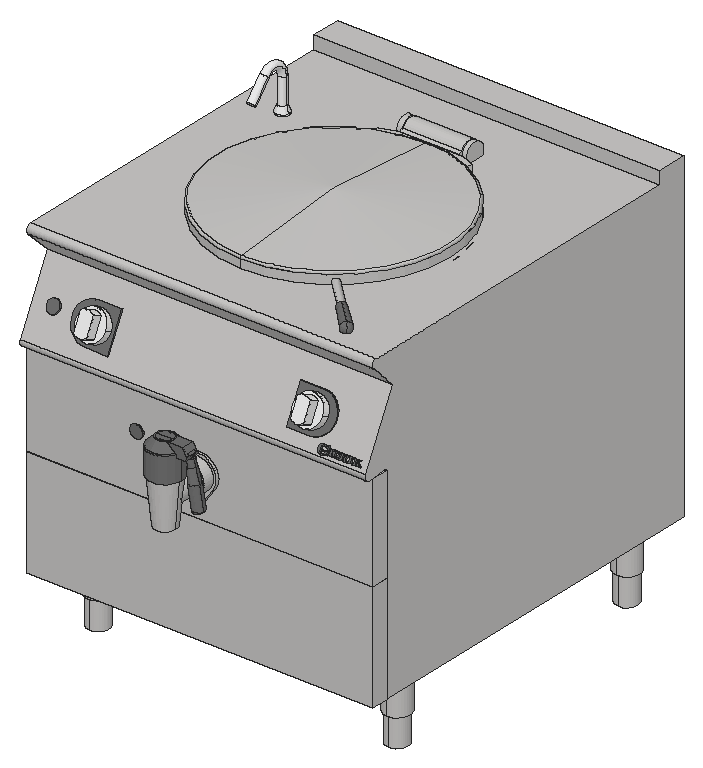
Revit family "QF_GIORIK_PGD915", category Specialty Equipment, Revit 2014
Parameters (values of type "PGD915")
  Weight in Pounds = 330.693
  Waste Water Discharge Temperature [instance] = 0 °C
  URL Cutsheet = "www.giorik.com"
  URL = "www.giorik.com"
  Status [instance] = ""
  Specification by User [instance] = ""
  Specification by Manufacturer = ""
  Show Logo [instance] = yes
  Show Clearance [instance] = yes
  Serial Number = ""
  Seismic Rating = ""
  SMACNA No = ""
  Revision Code [instance] = ""
  Plumbing Remarks [instance] = ""
  Plumbing Connection Type [instance] = ""
  NAFEM Spec ID Number = ""
  Model = "PGD915"
  Masterspec = ""
  Manufacturer = "GIORIK"
  Item Number [instance] = ""
  Installed By [instance] = ""
  Indirect Waste Size = 1"
  Indirect Waste Flow = 0.0 L/s
  Indirect Waste Connection Type [instance] = ""
  Indirect Waste Connection Height [instance] = 150 mm
  Identify Quantity as Lot [instance] = no
  Hot Water Temperature = 0 °C
  Hot Water Size = 1/2"
  Hot Water RI Height [instance] = 0 mm
  Hot Water Minimum Pressure = 20000.0 Pa
  Hot Water Maximum Pressure = 50000.0 Pa
  Hot Water Flow = 0.0 L/s
  Hot Water Consumption = 0.0 L/s
  Hot Water Connection Height = 150 mm
  Gas Size = 1"
  Gas RI Height [instance] = 0 mm
  Gas KW = 24
  Gas Input = 24000 W
  Gas Connection Height [instance] = 150 mm
  Furnished By [instance] = ""
  Foodservice Equipment Identifier [instance] = yes
  Description = "150 LITRE GAS BOILING PAN - DIRECT HEATING VERSION"
  Cold Water Temperature Recommended = 0 °C
  Cold Water Size = 1/2"
  Cold Water RI Height [instance] = 150 mm
  Cold Water Minimum Pressure = 20000.0 Pa
  Cold Water Maximum Pressure = 50000.0 Pa
  Cold Water Flow [instance] = 0.0 L/s
  Cold Water Consumption [instance] = ""
  Cold Water Connection Height [instance] = 150 mm
  CSI MasterFormat = ""
  Assembly Code = "E1090320"
Reference planes
  plane 1 "Back": y = 0
  plane 2: z = 0
  plane 3 "Left": x = 0
  plane 4 "Right": x = 800
  plane 5 "Front": y = -920
  plane 6 "Top": z = 900
Forms (mm)
  Extrusion 1, solid
    sketch origin (816, 1025.81, 0) x (-1, 0, 0) y (0, -1, 0)
      loop
        line (25, 1086.81) -> (115, 1086.81) -> (115, 1156.81) -> (25, 1156.81) -> (25, 1086.81)
    from 148 to 150
  Extrusion 2, solid
    sketch origin (816, 360.81, 0) x (-1, 0, 0) y (0, -1, 0)
      loop
        line (25, 1086.81) -> (115, 1086.81) -> (115, 1156.81) -> (25, 1156.81) -> (25, 1086.81)
    from 148 to 150
  Revolve 3, solid
    sketch origin (746, 360.81, 0) x (0, 1, 0) y (0, 0, 1)
      loop
        line (-1092.56, 66) -> (-1092.56, 148) -> (-1121.81, 148) -> (-1121.81, 0) -> (-1096.81, 0) -> (-1096.81, 66) -> (-1092.56, 66)
      axis (-1121.81, 0) -> (-1121.81, 148)
    angle from 0 to 360
  Revolve 4, solid
    sketch origin (746, 1025.81, 0) x (0, 1, 0) y (0, 0, 1)
      loop
        line (-1092.56, 66) -> (-1092.56, 148) -> (-1121.81, 148) -> (-1121.81, 0) -> (-1096.81, 0) -> (-1096.81, 66) -> (-1092.56, 66)
      axis (-1121.81, 0) -> (-1121.81, 148)
    angle from 0 to 360
  Extrusion 5, solid
    sketch origin (124, 1025.81, 0) x (-1, 0, 0) y (0, -1, 0)
      loop
        line (25, 1086.81) -> (115, 1086.81) -> (115, 1156.81) -> (25, 1156.81) -> (25, 1086.81)
    from 148 to 150
  Extrusion 6, solid
    sketch origin (124, 360.81, 0) x (-1, 0, 0) y (0, -1, 0)
      loop
        line (25, 1086.81) -> (115, 1086.81) -> (115, 1156.81) -> (25, 1156.81) -> (25, 1086.81)
    from 148 to 150
  Revolve 7, solid
    sketch origin (54, 360.81, 0) x (0, 1, 0) y (0, 0, 1)
      loop
        line (-1092.56, 66) -> (-1092.56, 148) -> (-1121.81, 148) -> (-1121.81, 0) -> (-1096.81, 0) -> (-1096.81, 66) -> (-1092.56, 66)
      axis (-1121.81, 0) -> (-1121.81, 148)
    angle from 0 to 360
  Revolve 8, solid
    sketch origin (54, 1025.81, 0) x (0, 1, 0) y (0, 0, 1)
      loop
        line (-1092.56, 66) -> (-1092.56, 148) -> (-1121.81, 148) -> (-1121.81, 0) -> (-1096.81, 0) -> (-1096.81, 66) -> (-1092.56, 66)
      axis (-1121.81, 0) -> (-1121.81, 148)
    angle from 0 to 360
  Revolve 9, solid
    sketch origin (400, -1035.878, 6.906) x (0, 1, 0) y (0, 0, 1)
      loop
        line (263, 839.987) -> (523.5, 839.987) -> (523.5, 911.488)
        arc (523.5, 911.488) -> (389.852, 905.568) -> (257.251, 887.853) r 1511.497
        arc (257.251, 887.853) -> (254.241, 886.302) -> (253.5, 882.997) r 4
        line (253.5, 882.997) -> (253.5, 853.492)
        arc (253.5, 853.492) -> (254.572, 849.465) -> (258.468, 847.987) r 4.564
        line (258.468, 847.987) -> (263, 847.987) -> (263, 839.987)
      axis (523.5, 911.488) -> (523.5, 839.987)
    angle from 0 to 360
  Extrusion 10, solid
    sketch origin (331, -1525.878, -3.094) x (0, 1, 0) y (0, 0, 1)
      loop
        line (1291, 862) -> (1321, 862)
        arc (1321, 862) -> (1341.196, 898.967) -> (1299.177, 895.988) r 24
        arc (1299.177, 895.988) -> (1295.549, 893.05) -> (1291, 892) r 10.377
        line (1291, 892) -> (1291, 862)
    from 0 to 138
  Extrusion 11, solid
    sketch origin (319, -1525.878, -3.094) x (0, 1, 0) y (0, 0, 1)
      loop
        line (1297, 850) -> (1345, 850) -> (1345, 886)
        arc (1345, 886) -> (1321, 910) -> (1297, 886) r 24
        line (1297, 886) -> (1297, 850)
    from 0 to 12
  Extrusion 12, solid
    sketch origin (0, -1525.878, 846.906) x (0, 1, 0) y (-1, 0, 0)
      loop
        line (1345, -319) -> (1330.367, -295.233)
        arc (1330.367, -295.233) -> (1321, -290) -> (1311.633, -295.233) r 11
        line (1311.633, -295.233) -> (1297, -319) -> (1345, -319)
      loop
        circle (1321, -301) r 5.5
    from 0 to 9
  Extrusion 13, solid
    sketch origin (800, -1525.878, 846.906) x (0, 1, 0) y (-1, 0, 0)
      loop
        line (1345, 319) -> (1297, 319) -> (1311.633, 295.233)
        arc (1311.633, 295.233) -> (1321, 290) -> (1330.367, 295.233) r 11
        line (1330.367, 295.233) -> (1345, 319)
      loop
        circle (1321, 301) r 5.5
    from 0 to 9
  Extrusion 14, solid
    sketch origin (469, -1525.878, -3.094) x (0, 1, 0) y (0, 0, 1)
      loop
        line (1297, 850) -> (1345, 850) -> (1345, 886)
        arc (1345, 886) -> (1321, 910) -> (1297, 886) r 24
        line (1297, 886) -> (1297, 850)
    from 0 to 12
  Extrusion 15, solid
    sketch origin (-20, -900, -21.499) x (1, 0, 0) y (0, 0, 1)
      loop
        arc (455.029, 495.06) -> (420, 563) -> (384.971, 495.06) r 43
        line (384.971, 495.06) -> (408.595, 461.88)
        arc (408.595, 461.88) -> (420, 456) -> (431.405, 461.88) r 14
        line (431.405, 461.88) -> (455.029, 495.06)
      loop
        circle (420, 470) r 5
    from 0 to 6
  Revolve 16, solid
    sketch origin (-20, -1000, -21.499) x (1, 0, 0) y (0, 0, 1)
      loop
        line (420, 560) -> (420, 490) -> (440, 490) -> (440, 454) -> (445, 454) -> (454.5, 560) -> (420, 560)
      axis (420, 454) -> (420, 560)
    angle from 0 to 360
  Revolve 17, solid
    sketch origin (-20, -1000, -21.499) x (1, 0, 0) y (0, 0, 1)
      loop
        line (420, 560) -> (459.015, 560) -> (459.015, 618.943)
        arc (459.015, 618.943) -> (458.824, 619.904) -> (458.279, 620.718) r 2.507
        line (458.279, 620.718) -> (440.712, 638.268)
        arc (440.712, 638.268) -> (439.901, 638.81) -> (438.944, 639) r 2.5
        line (438.944, 639) -> (420, 639) -> (420, 560)
      axis (420, 560) -> (420, 639)
    angle from 0 to 360
  Revolve 18, solid
    sketch origin (400, -100, -21.499) x (0, 1, 0) y (0, 0, 1)
      loop
        line (-900, 520) -> (-806, 520) -> (-806, 556) -> (-833.409, 556)
        arc (-833.409, 556) -> (-835.601, 555.494) -> (-837.349, 554.078) r 5
        line (-837.349, 554.078) -> (-839.034, 551.922)
        arc (-839.034, 551.922) -> (-840.782, 550.506) -> (-842.974, 550) r 5
        line (-842.974, 550) -> (-900, 550) -> (-900, 520)
      axis (-806, 520) -> (-900, 520)
    angle from 0 to 360
  Extrusion 19, solid
    sketch origin (0, -35.878, 858.906) x (0, 1, 0) y (-1, 0, 0)
      loop
        line (-213.194, -290.935) -> (-227.053, -296.675)
        arc (-227.053, -296.675) -> (-206.785, -400) -> (-227.053, -503.325) r 273.514
        line (-227.053, -503.325) -> (-213.194, -509.065)
        arc (-213.194, -509.065) -> (-204.722, -487.451) -> (-199, -464.952) r 186.513
        line (-199, -464.952) -> (-199, -335.048)
        arc (-199, -335.048) -> (-204.722, -312.549) -> (-213.194, -290.935) r 186.513
    from 0 to 30
  Extrusion 20, solid
    sketch origin (0, 1000, -19.915) x (0, 1, 0) y (0, 0, 1)
      loop
        line (-1000, 919.915) -> (-1070, 919.915) -> (-1070, 889.915) -> (-1888.806, 889.915)
        arc (-1888.806, 889.915) -> (-1898.967, 883.461) -> (-1897.445, 871.521) r 11.226
        line (-1897.445, 871.521) -> (-1840.876, 814.952) -> (-1918.948, 661.185)
        arc (-1918.948, 661.185) -> (-1918.233, 650.033) -> (-1908.118, 645.281) r 10.981
        line (-1908.118, 645.281) -> (-1860, 649.852) -> (-1860, 170) -> (-1000, 170) -> (-1000, 919.915)
    from 0 to 800
  Extrusion 21, solid
    sketch origin (820, -985, -21.499) x (-1, 0, 0) y (0, 0, -1)
      loop
        line (368, -639) -> (420, -639) -> (420, -614) -> (364, -614)
        arc (364, -614) -> (359.031, -616.301) -> (358, -621.679) r 6
        line (358, -621.679) -> (368, -639)
    from 0 to 30
  Revolve 22, solid
    sketch origin (820, -1000, -21.499) x (-1, 0, 0) y (0, 0, -1)
      loop
        line (365.701, -595.491) -> (367.06, -595.251) -> (364.458, -563.216) -> (355.081, -510.037)
        arc (355.081, -510.037) -> (353.847, -508.1) -> (351.605, -507.603) r 3
        line (351.605, -507.603) -> (342.25, -509.253) -> (357.704, -596.901) -> (361.964, -621.057) -> (364.84, -620.55) -> (363.426, -612.529) -> (368.546, -611.626) -> (365.701, -595.491)
      axis (361.964, -621.057) -> (342.25, -509.253)
    angle from 0 to 360
  Extrusion 23, solid
    sketch origin (820, -990, -21.499) x (-1, 0, 0) y (0, 0, -1)
      loop
        arc (360.934, -626.761) -> (371.174, -617.461) -> (358, -621.679) r 7.078
        line (358, -621.679) -> (360.934, -626.761)
    from 0 to 20
  Extrusion 24, solid
    sketch origin (0, -887.576, 0) x (1, 0, 0) y (0, 0, 1)
      loop
        circle (254.679, 532.341) r 15
    from 12.424 to 14.424
  Extrusion 25, solid
    sketch origin (-6.328, -1211.709, 64.667) x (1, 0, 0) y (0, 0.452718, 0.891654)
      loop
        circle (55.091, 725.192) r 15
    from 0 to 2
  Extrusion 26, solid
    sketch origin (-202.569, -1214.126, 65.796) x (1, 0, 0) y (0, 0.45351, 0.891251)
      loop
        circle (351.331, 721.346) r 35
    from 0 to 15
  Extrusion 27, solid
    sketch origin (-202.569, -1214.126, 65.796) x (1, 0, 0) y (0, 0.45351, 0.891251)
      loop
        line (336.331, 743.846) -> (336.331, 698.846)
        arc (336.331, 698.846) -> (351.331, 693.846) -> (366.331, 698.846) r 25
        line (366.331, 698.846) -> (366.331, 743.846)
        arc (366.331, 743.846) -> (351.331, 748.846) -> (336.331, 743.846) r 25
    from 15 to 40
  Extrusion 28, solid
    sketch origin (-270.935, -1168.775, 43.201) x (1, 0, 0) y (0, 0.452718, 0.891654)
      loop
        line (463.221, 676.25) -> (463.221, 766.25) -> (409.698, 766.25)
        arc (409.698, 766.25) -> (364.698, 721.25) -> (409.698, 676.25) r 45
        line (409.698, 676.25) -> (463.221, 676.25)
    from 48 to 50
  Extrusion 29, solid
    sketch origin (1002.569, -1214.126, 65.796) x (-1, 0, 0) y (0, -0.45351, -0.891251)
      loop
        circle (351.331, -721.346) r 35
    from 0 to 15
  Extrusion 30, solid
    sketch origin (1002.569, -1214.126, 65.796) x (-1, 0, 0) y (0, -0.45351, -0.891251)
      loop
        arc (336.331, -743.846) -> (351.331, -748.846) -> (366.331, -743.846) r 25
        line (366.331, -743.846) -> (366.331, -698.846)
        arc (366.331, -698.846) -> (351.331, -693.846) -> (336.331, -698.846) r 25
        line (336.331, -698.846) -> (336.331, -743.846)
    from 15 to 40
  Extrusion 31, solid
    sketch origin (1070.935, -1168.775, 43.201) x (-1, 0, 0) y (0, -0.452718, -0.891654)
      loop
        line (463.221, -676.25) -> (409.698, -676.25)
        arc (409.698, -676.25) -> (364.698, -721.25) -> (409.698, -766.25) r 45
        line (409.698, -766.25) -> (463.221, -766.25) -> (463.221, -676.25)
    from 48 to 50
  Extrusion 32, solid, visible <- "Show Logo"
    sketch origin (591.604, -936.761, 608.548) x (-1, 0, 0) y (0, 0.452718, 0.891654)
      loop
        line (-118.824, 58.358) -> (-127.804, 58.358) -> (-125.523, 56.445) -> (-125.523, 48.027) -> (-127.804, 46.113) -> (-118.824, 46.113) -> (-121.105, 48.027) -> (-121.105, 56.445) -> (-118.824, 58.358)
      loop
        line (-163.721, 58.358) -> (-172.7, 58.358) -> (-170.42, 56.445) -> (-170.42, 48.027) -> (-172.7, 46.113) -> (-163.721, 46.113) -> (-166.001, 48.027) -> (-166.001, 56.445) -> (-163.721, 58.358)
      loop
        line (-174.332, 58.358) -> (-183.312, 58.358) -> (-181.031, 56.445) -> (-181.031, 52.435) -> (-186.419, 56.955) -> (-184.416, 58.358) -> (-191.268, 58.358) -> (-188.01, 56.839) -> (-185.455, 54.283) -> (-190.846, 47.858) -> (-193.396, 46.93) -> (-193.396, 46.113) -> (-184.416, 46.113) -> (-185.437, 47.571) -> (-182.443, 51.552) -> (-181.031, 50.894) -> (-181.031, 48.027) -> (-183.312, 46.113) -> (-174.332, 46.113) -> (-176.613, 48.027) -> (-176.613, 56.445) -> (-174.332, 58.358)
      loop
        line (-115.429, 62.063) -> (-115.429, 54.198)
        arc (-115.429, 54.198) -> (-111.618, 57.803) -> (-106.847, 59.986) r 16.039
        arc (-106.847, 59.986) -> (-103.314, 59.837) -> (-100.512, 57.68) r 5.851
        arc (-100.512, 57.68) -> (-98.815, 52.267) -> (-100.512, 46.853) r 9.479
        arc (-100.512, 46.853) -> (-102.406, 44.986) -> (-104.846, 43.93) r 7.236
        arc (-104.846, 43.93) -> (-107.728, 44.111) -> (-110.052, 45.825) r 5.11
        line (-110.052, 45.825) -> (-110.052, 52.001) -> (-116.141, 52.001) -> (-116.141, 45.503) -> (-117.893, 43.751) -> (-114.094, 44.769)
        arc (-114.094, 44.769) -> (-112.56, 44.947) -> (-111.129, 44.366) r 3.115
        arc (-111.129, 44.366) -> (-104.216, 42.091) -> (-97.303, 44.366) r 11.641
        arc (-97.303, 44.366) -> (-93.396, 52.107) -> (-97.303, 59.849) r 9.622
        arc (-97.303, 59.849) -> (-104.369, 62.174) -> (-111.435, 59.849) r 11.898
        line (-111.435, 59.849) -> (-115.429, 62.063)
      loop
        arc (-129.234, 56.068) -> (-135.893, 58.628) -> (-142.552, 56.068) r 9.941
        arc (-142.552, 56.068) -> (-144.234, 52.286) -> (-142.552, 48.505) r 5.093
        arc (-142.552, 48.505) -> (-135.893, 45.945) -> (-129.234, 48.505) r 9.941
        arc (-129.234, 48.505) -> (-127.552, 52.286) -> (-129.234, 56.068) r 5.093
      loop
        arc (-132.628, 54.403) -> (-135.893, 57.668) -> (-139.158, 54.403) r 3.265
        line (-139.158, 54.403) -> (-139.158, 50.169)
        arc (-139.158, 50.169) -> (-135.893, 46.904) -> (-132.628, 50.169) r 3.265
        line (-132.628, 50.169) -> (-132.628, 54.403)
      loop
        arc (-156.363, 58.365) -> (-159.647, 55.081) -> (-156.363, 51.796) r 3.285
        line (-156.363, 51.796) -> (-159.529, 47.306) -> (-162.087, 46.113) -> (-155.847, 46.113) -> (-153.529, 51.083) -> (-150.637, 51.083) -> (-150.637, 47.784) -> (-153.022, 46.113) -> (-144.011, 46.113) -> (-146.094, 47.68) -> (-146.094, 56.493) -> (-144.229, 58.365) -> (-156.363, 58.365)
      loop
        line (-150.637, 57.512) -> (-153.637, 57.512)
        arc (-153.637, 57.512) -> (-156.237, 54.912) -> (-153.637, 52.312) r 2.6
        line (-153.637, 52.312) -> (-150.637, 52.312) -> (-150.637, 57.512)
      loop
        line (-108.924, 52.001) -> (-104.936, 49.005) -> (-100.948, 52.001) -> (-108.924, 52.001)
    from 1.5 to -0.5
  Revolve 33, solid
    sketch origin (735, -285.878, -38.107) x (-1, 0, 0) y (0, 0, -1)
      loop
        line (635, -895) -> (635, -925) -> (645, -925) -> (650, -910) -> (650, -895) -> (635, -895)
      axis (635, -925) -> (635, -895)
    angle from 0 to 360
  Sweep 34, solid
    path origin (100, -48.878, -38.107) x (0, 1, 0) y (0, 0, -1)
      loop
        line (-237, -925) -> (-237, -986.382)
        arc (-237, -986.382) -> (-256.494, -1014.482) -> (-289.641, -1006.064) r 30
        line (-289.641, -1006.064) -> (-326.852, -963.258)
    profile origin (100, -285.878, 917.584) x (0, 1, 0) y (-1, 0, 0)
      loop
        circle (0, 0) r 9
  Extrusion 35, solid
    sketch origin (1534.526, 259.652, 861.893) x (0.975272, 0.221007, 0) y (-0.221007, 0.975272, 0)
      loop
        line (-1502.427, -209.668) -> (-1515.641, -197.445) -> (-1532.833, -202.777) -> (-1536.811, -220.332) -> (-1523.598, -232.555) -> (-1506.406, -227.223) -> (-1502.427, -209.668)
    from -15 to -5
  Extrusion 36, solid
    sketch origin (0, -200, 0) x (0, 1, 0) y (0, 0, 1)
      loop
        line (-660, 624.427) -> (-700, 624.427) -> (-700, 401.427) -> (-660, 401.427) -> (-660, 624.427)
    from 0 to 800
  Extrusion 37, solid
    sketch origin (0, -200, -240) x (0, 1, 0) y (0, 0, 1)
      loop
        line (-660, 640) -> (-700, 640) -> (-700, 390) -> (-660, 390) -> (-660, 640)
    from 0 to 800
  Extrusion 38, solid
    sketch origin (130, -300, 100.085) x (0, 1, 0) y (-1, 0, 0)
      loop
        circle (0, 0) r 6.5
    from 30 to 50
  Extrusion 39, solid
    sketch origin (50, -320, 100.085) x (0, 1, 0) y (-1, 0, 0)
      loop
        circle (-160, 0) r 12.5
    from 30 to 50
  Extrusion 40, solid
    sketch origin (104, -257, 100.085) x (0, 1, 0) y (-1, 0, 0)
      loop
        circle (-70, 0) r 6.5
    from 30 to 50
  Extrusion 41, solid, visible <- "Show Clearance", detail levels coarse
    sketch origin (130, -100, 47.853) x (0, 1, 0) y (0, 0, 1)
      loop
        arc (-80.878, 1446.904) -> (-506.111, 1271.7) -> (-682.378, 846.906) r 600
        line (-682.378, 846.906) -> (-80.878, 846.906) -> (-80.878, 1446.904)
    from 0 to 540
  Extrusion 42, solid
    sketch origin (170, -585, 900) x (0, 1, 0) y (-1, 0, 0)
      loop
        circle (0, 0) r 12.5
    from -750 to -769.915
  Revolve 43, solid
    sketch origin (160.983, -309.817, -75.5) x (-0.707107, 0.707107, 0) y (0, 0, -1)
      loop
        line (-671.931, -950.485) -> (-763.471, -950.485)
        arc (-763.471, -950.485) -> (-759.812, -959.317) -> (-750.98, -962.976) r 12.491
        line (-750.98, -962.976) -> (-671.931, -960.125) -> (-671.931, -950.485)
      axis (-671.931, -950.485) -> (-763.471, -950.485)
    angle from 0 to 360
  Extrusion 44, solid
    sketch origin (1359.702, -377.165, -75.5) x (-0.707107, -0.707107, 0) y (0, 0, -1)
      loop
        circle (800, -950.485) r 7.5
    from -223.314 to -315.051
Lines and regions (mm)
  symbolic lines, style "200-EquipBorder-2D"
    curve 1: line (0, -920, 0) -> (800, -920, 0)
    curve 2: line (800, -920, 0) -> (800, 0, 0)
    curve 3: line (800, 0, 0) -> (0, 0, 0)
    curve 4: line (0, 0, 0) -> (0, -920, 0)
    curve 40: arc (436.017, -985, 900) -> (360.985, -1000, 900) -> (436.017, -1015, 900) r 39.015
    curve 41: line (400, -1015, 900) -> (462.241, -1015, 900)
    curve 42: line (400, -985, 900) -> (400, -1015, 900)
    curve 43: line (462.241, -985, 900) -> (400, -985, 900)
    curve 44: line (462.241, -985, 900) -> (462.241, -1015, 900)
    curve 45: line (430.006, -975.063, 900) -> (430.006, -943.838, 900)
    curve 46: line (435.935, -933.569, 900) -> (435.935, -920, 900)
    curve 47: line (369.994, -975.063, 900) -> (369.994, -943.838, 900)
    curve 48: line (364.008, -933.469, 900) -> (364.008, -920, 900)
    curve 49: arc (369.994, -943.838, 900) -> (369.061, -940.356, 900) -> (366.512, -937.806, 900) r 6.965
    curve 50: arc (366.512, -937.806, 900) -> (364.679, -935.973, 900) -> (364.008, -933.469, 900) r 5.008
    curve 51: arc (430.006, -943.838, 900) -> (430.791, -940.279, 900) -> (433.481, -937.819, 900) r 6.041
    curve 52: arc (433.481, -937.819, 900) -> (435.38, -936.082, 900) -> (435.935, -933.569, 900) r 4.265
    curve 53: line (477.501, -987.499, 900) -> (467.858, -987.499, 900)
    curve 54: line (467.858, -1012.499, 900) -> (477.501, -1012.499, 900)
    curve 55: arc (477.501, -1012.499, 900) -> (490.001, -999.999, 900) -> (477.501, -987.499, 900) r 12.5
    curve 56: arc (467.858, -987.499, 900) -> (464.972, -987.837, 900) -> (462.241, -988.832, 900) r 12.5
    curve 57: arc (462.241, -1011.166, 900) -> (464.972, -1012.162, 900) -> (467.858, -1012.499, 900) r 12.5
    curve 73: line (163.763, -932.843, 900) -> (163.763, -920, 900)
    curve 74: arc (163.763, -932.843, 900) -> (148.758, -935.182, 900) -> (133.763, -932.783, 900) r 48.682
    curve 75: arc (636.237, -932.843, 900) -> (651.241, -935.173, 900) -> (666.237, -932.801, 900) r 49.042
    curve 76: line (636.237, -932.843, 900) -> (636.237, -920, 900)
    curve 77: line (133.763, -932.783, 900) -> (133.763, -920, 900)
    curve 78: line (666.237, -932.801, 900) -> (666.237, -920, 900)
  symbolic lines, style "200-EquipInternal-2D"
    curve 5: line (171.031, -35, 900) -> (629, -35, 900)
    curve 6: line (629, -32, 900) -> (171.031, -32, 900)
    curve 7: line (168, -25, 900) -> (632, -25, 900)
    curve 8: line (632, -22, 900) -> (168, -22, 900)
    curve 9: line (165, -15, 900) -> (635, -15, 900)
    curve 10: line (635, -12, 900) -> (165, -12, 900)
    curve 11: line (168, -22, 900) -> (168, -25, 900)
    curve 12: line (171.031, -32, 900) -> (171.031, -35, 900)
    curve 13: line (165, -12, 900) -> (165, -15, 900)
    curve 14: line (635, -15, 900) -> (635, -12, 900)
    curve 15: line (632, -25, 900) -> (632, -22, 900)
    curve 16: line (629, -35, 900) -> (629, -32, 900)
    curve 17: line (0, -70, 900) -> (800, -70, 900)
    curve 18: arc (400, -782.378, 900) -> (130, -512.378, 900) -> (400, -242.378, 900) r 270
    curve 19: arc (400, -246.129, 900) -> (133.751, -512.378, 900) -> (400, -778.627, 900) r 266.249
    curve 20: arc (400, -778.627, 900) -> (666.249, -512.378, 900) -> (400, -246.129, 900) r 266.249
    curve 21: arc (400, -242.378, 900) -> (670, -512.378, 900) -> (400, -782.378, 900) r 270
    curve 22: line (290.935, -249.072, 900) -> (296.675, -262.931, 900)
    curve 23: arc (335.048, -234.878, 900) -> (312.549, -240.6, 900) -> (290.935, -249.072, 900) r 186.513
    curve 24: line (295.233, -214.245, 900) -> (319, -228.878, 900)
    curve 25: arc (295.233, -195.511, 900) -> (290, -204.878, 900) -> (295.233, -214.245, 900) r 11
    curve 26: line (319, -180.878, 900) -> (295.233, -195.511, 900)
    curve 27: arc (301, -199.378, 900) -> (306.5, -204.878, 900) -> (301, -210.378, 900) r 5.5
    curve 28: arc (301, -210.378, 900) -> (295.5, -204.878, 900) -> (301, -199.378, 900) r 5.5
    curve 29: line (481, -180.878, 900) -> (319, -180.878, 900)
    curve 30: line (319, -228.878, 900) -> (331, -228.878, 900)
    curve 31: line (469, -234.878, 900) -> (331, -234.878, 900)
    curve 32: line (469, -228.878, 900) -> (481, -228.878, 900)
    curve 33: line (481, -228.878, 900) -> (504.767, -214.245, 900)
    curve 34: arc (499, -210.378, 900) -> (493.5, -204.878, 900) -> (499, -199.378, 900) r 5.5
    curve 35: arc (499, -199.378, 900) -> (504.5, -204.878, 900) -> (499, -210.378, 900) r 5.5
    curve 36: arc (504.767, -214.245, 900) -> (510, -204.878, 900) -> (504.767, -195.511, 900) r 11
    curve 37: line (504.767, -195.511, 900) -> (481, -180.878, 900)
    curve 38: line (469, -234.878, 900) -> (469, -228.878, 900)
    curve 39: line (331, -234.878, 900) -> (331, -228.878, 900)
    curve 58: line (84.412, -276.878, 900) -> (84.412, -294.878, 900)
    curve 59: line (100, -267.878, 900) -> (84.412, -276.878, 900)
    curve 60: line (115.588, -276.878, 900) -> (100, -267.878, 900)
    curve 61: line (115.588, -294.878, 900) -> (115.588, -276.878, 900)
    curve 62: arc (91, -285.878, 900) -> (100, -276.878, 900) -> (109, -285.878, 900) r 9
    curve 63: spline (109, -375.73, 900) -> (108.693, -377.488, 900) -> (107.794, -379.126, 900) -> (106.364, -380.533, 900) -> (104.5, -381.612, 900) -> (102.329, -382.291, 900) -> (100, -382.522, 900) -> (97.671, -382.291, 900) -> (95.5, -381.612, 900) -> (93.636, -380.533, 900) -> (92.206, -379.126, 900) -> (91.307, -377.488, 900) -> (91, -375.73, 900)
    curve 64: line (109, -285.878, 900) -> (109, -375.73, 900)
    curve 65: line (91, -375.73, 900) -> (91, -285.878, 900)
    curve 66: line (84.412, -294.878, 900) -> (91, -298.682, 900)
    curve 67: line (109, -298.682, 900) -> (115.588, -294.878, 900)
    curve 68: arc (509.065, -249.072, 900) -> (487.451, -240.6, 900) -> (464.952, -234.878, 900) r 186.513
    curve 69: line (503.325, -262.931, 900) -> (509.065, -249.072, 900)
    curve 70: arc (115, -285.878, 900) -> (113.416, -292.586, 900) -> (109, -297.878, 900) r 15
    curve 71: arc (85, -285.878, 900) -> (100, -270.878, 900) -> (115, -285.878, 900) r 15
    curve 72: arc (91, -297.878, 900) -> (86.584, -292.586, 900) -> (85, -285.878, 900) r 15
    curve 79: line (642.926, -778.127, 900) -> (629.294, -791.759, 900)
    curve 80: line (629.294, -791.759, 900) -> (683.174, -849.672, 900)
    curve 81: line (642.926, -778.127, 900) -> (700.839, -832.008, 900)
    curve 82: arc (700.839, -832.008, 900) -> (700.831, -849.665, 900) -> (683.174, -849.672, 900) r 12.491
    curve 83: line (641.413, -779.64, 900) -> (576.546, -714.773, 900)
    curve 84: line (630.807, -790.247, 900) -> (565.939, -725.379, 900)
Dimensions and locks
  plane 3 "Left" to plane 4 "Right" = 800 mm
  plane 5 "Front" to plane 1 "Back" = 920 mm
  plane 4 "Right" to plane 3 "Left" = 800 mm
  plane 1 "Back" to plane 5 "Front" = 920 mm
  plane 6 "Top" to level = 900 mm  (x2)
  aligned and locked: level to plane 2
Connectors
  piping at (130, -300, 130.085), diameter 12.7, driven by "Hot Water Size", driven by "Hot Water Flow"
    settings: on Extrusion 38, index 1, connector inside diameter 24", connector length 0 mm, flow factor 0, pipe flow 0.0 L/s, pressure drop 0.0 Pa, fitting loss kfactor 0, connector angle 0.00°, fixture units 0, engagement length 0 mm, angle of deflection 0.00°, flow configuration 1, flow direction 1, fitting loss method 0, system type 19, joint type 0, gender type 0, connector reference index -1, connector utility 0, adjustable connector no, is connector primary yes, connector description "Hot Water Inlet"
  piping at (104, -327, 130.085), diameter 12.7, driven by "Cold Water Size", driven by "Cold Water Flow"
    settings: on Extrusion 40, index 2, connector inside diameter 24", connector length 0 mm, flow factor 0, pipe flow 0.0 L/s, pressure drop 0.0 Pa, fitting loss kfactor 0, connector angle 0.00°, fixture units 0, engagement length 0 mm, angle of deflection 0.00°, flow configuration 1, flow direction 1, fitting loss method 0, system type 20, joint type 0, gender type 0, connector reference index -1, connector utility 0, adjustable connector no, is connector primary no, connector description "Cold Water Inlet"
  piping at (50, -480, 130.085), diameter 25.4, driven by "Gas Size"
    settings: on Extrusion 39, index 3, connector inside diameter 24", connector length 0 mm, flow factor 0, pipe flow 0.0 L/s, pressure drop 0.0 Pa, fitting loss kfactor 0, connector angle 0.00°, fixture units 0, engagement length 0 mm, angle of deflection 0.00°, flow configuration 1, flow direction 1, fitting loss method 0, system type 22, joint type 0, gender type 0, connector reference index -1, connector utility 0, adjustable connector no, is connector primary no, connector description "Gas Inlet"
  piping at (170, -585, 130.085), diameter 25.4, driven by "Indirect Waste Size", driven by "Indirect Waste Flow"
    settings: on Extrusion 42, index 4, connector inside diameter 24", connector length 0 mm, flow factor 0, pipe flow 0.0 L/s, pressure drop 0.0 Pa, fitting loss kfactor 0, connector angle 0.00°, fixture units 0, engagement length 0 mm, angle of deflection 0.00°, flow configuration 1, flow direction 2, fitting loss method 0, system type 16, joint type 0, gender type 0, connector reference index -1, connector utility 0, adjustable connector no, is connector primary no, connector description "Drain connection"
